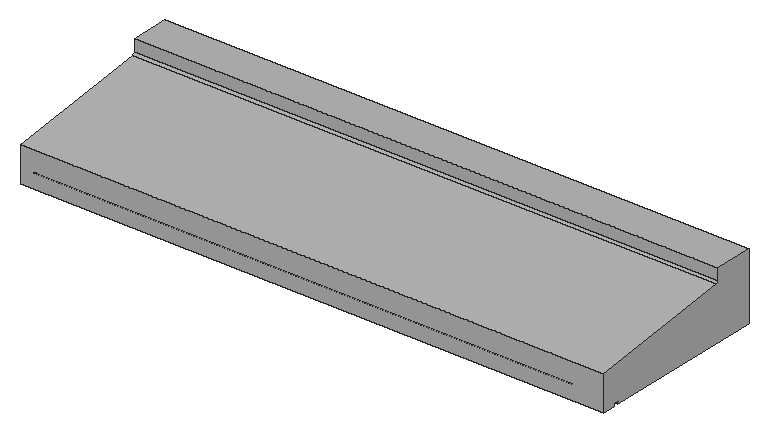
Revit family "C-Sill -S400", category Generic Models, Revit 2020
Family settings
  Can host rebar = No
  Round Connector Dimension = Use Diameter
  Part Type = Normal
  Work Plane-Based = No
  Always vertical = Yes
  Cut with Voids When Loaded = No
  Shared = No
  Room Calculation Point = No
Parameters
  Width of Seating = 65 mm
  Weight = "64Kg/m"
  Warranty Guarantor Parts = "n/a"
  Warranty Guarantor Labour = "n/a"
  Warranty Duration Unit = "n/a"
  Warranty Duration Parts = "n/a"
  Warranty Duration Labour = "n/a"
  Warranty Description = "n/a"
  URL = "www.killeshal.com"
  Types = "Single"
  Type Comments = "Visit our website for a full list of available products."
  Sustainability Performance = "n/a"
  Structural Class = "n/a"
  Span = "Ope Size + 205mm overhang."
  Slope = "0.00°"
  Size = "310mm x 115 to 60mm"
  Sill Width [instance] = 310 mm
  Sill Length [instance] = 1002 mm
  Sill Height [instance] = 115 mm
  Shape = "As per drawing"
  Service Life = "0.000000"
  Serial Number = "n/a"
  Resistance to Fire = "n/a"
  Replacement Cost = "n/a"
  Reference = "n/a"
  Notified Body = "n/a"
  Nominal Cover to Main Bar = "n/a"
  Model = "S/400 Sill"
  Mechanical Resistance = "n/a"
  Manufacturer = "Killeshal Precast Concrete Ltd."
  Load Bearing = no
  Life Cycle Environmental Load = "n/a"
  Length Options = "All sizes made to order."
  Keynote = "The information contained is the sole property of KPC Ltd., any reproduction in part or whole without permission of KPC Ltd. is prohibited."
  Front Face Dimension = 60 mm
  Environmental Product Declaration = "n/a"
  Environmental Class = "n/a"
  Durability against Corrosion = "n/a"
  Distance from Face to Seating = 245 mm
  Dimension Accuracy Class = "n/a"
  Detailing = "As per design specification and product drawings."
  Description = "Type C-Sill"
  Default Elevation = 0 mm
  Dangerous Substances = "n/a"
  Contact Tel = "0035357 9353018"
  Contact Email = "sales@killeshal.com"
  Construction Type = "Precast"
  Construction Tolerance Class = "n/a"
  Compressive Strength of Concrete = "n/a"
  Characteristics of Reinforcing Steel = "n/a"
  Characteristics Deflection Under Load = "n/a"
Reference planes
  plane 1 "Center (Front/Back)": y = 0
  plane 2: z = 0
  plane 3 "Center (Left/Right)": x = 0
  plane 4 "Rear": y = 155
  plane 5 "Front": y = -155
  plane 6 "Top": z = 115
  plane 7 "Center L/T": z = 60
  plane 8 "Center L/U": y = 90.5
  plane 9 "Center L/V": z = 95
Forms (mm)
  Extrusion 1, solid, material "Precast Concrete (KPC)"
    sketch origin (0, 0, 0) x (0, 1, 0) y (0, 0, 1)
      loop
        line (155, 0) -> (155, 115) -> (90.5, 115) -> (90.5, 95)
        arc (90.5, 95) -> (89.43, 92.277) -> (86.792, 91.011) r 4
        line (86.792, 91.011) -> (-155, 60) -> (-155, 0) -> (-134.5, 0)
        arc (-134.5, 0) -> (-129.5, 5) -> (-124.5, 0) r 5
        line (-124.5, 0) -> (155, 0)
    from 0 to 1002
Dimensions and locks
  "Sill Length": Extrusion 1 to Extrusion 1
  "Sill Width": plane 4 "Rear" to plane 5 "Front"
  plane 7 "Center L/T" to Extrusion 1 = 60 mm
  "Sill Height": Extrusion 1 to Extrusion 1
  plane 4 "Rear" to plane 8 "Center L/U" = 64.5 mm
  aligned and locked: level to plane 2
Automatic sketch dimensions
  Extrusion 1 sketch curve to level = 0 mm
  Extrusion 1 sketch curve to plane 5 "Front" = 0 mm
  Extrusion 1 sketch curve to plane 9 "Center L/V" = 0 mm
  Extrusion 1 sketch curve to plane 8 "Center L/U" = 0 mm
  Extrusion 1 sketch curve to plane 4 "Rear" = 0 mm
  Extrusion 1 sketch curve to plane 7 "Center L/T" = 0 mm
  Extrusion 1 sketch curve to plane 6 "Top" = 0 mm
  plane 5 "Front" to Extrusion 1 sketch curve = 20.5 mm
  Extrusion 1 sketch curve to Extrusion 1 sketch curve = 5 mm
  Extrusion 1 sketch curve to Extrusion 1 sketch curve = 4 mm
  Extrusion 1 sketch curve to plane 8 "Center L/U" = 3.708 mm
